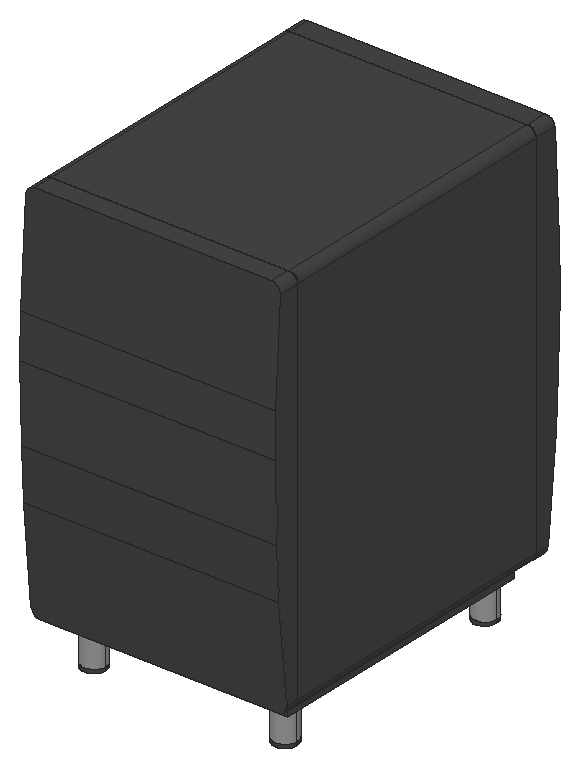
Revit family "Franke_Kühleinheit_SU12_CM-A1000_FM_CM", category Sonderausstattung, Revit 2015
Parameters (values of type "Kühleinheit SU12 CM-A1000 FM CM(230V/black line/EU)")
  URL = "http://www.franke.com/main/de/cs/produkte/produktsuche/produktsuche.html#akCache=true&p=1&t=grid&f=cat14_3210"
  Tiefe = 475 mm
  Temperaturbreich = "+ 3° C bis +8° C"
  Spannung = 230 V
  Sicherung = "10 A"
  Netzfrequenz alternativ = 60 Hz
  Netzfrequenz = 50 Hz
  Modell = "410874 - Kühleinheit SU12 CM - A1000 FM CM"
  Milchvorrat = "12 l"
  Stromaufnahme = "0.72 A"
  Kosten = 0
  Höhe = 586 mm
  Hersteller = "Franke"
  Energieverlust nach DIN18873 = "0.783 kWh/24 h - 230 V"
  Breite = 340 mm
  Beschreibung = "Beistellgerät Kühleinheit SU12 dient zum Aufbewahren von vorgekühlter Milch"
  Assembly Code = "Beistellgerät Kühleinheit SU12"
  Keynote = "Beistellgerät Kühleinheit SU12"
  Aufstellgewicht = "26 kg"
  Anzahl von Polen = 1
  Anzahl der Schutzleiter = "1"
  Anzahl der Nullleiter = "1"
  Abdeckung [instance] = Franke Black
Types (3, lengths in mm): name | Abdeckung
  (no name) | Franke Black
  Kühleinheit SU12 CM-A1000 FM CM(230V/black line/EU) | Franke Black
  Kühleinheit SU12 CM-A1000 FM CM(230V/anthrazit/EU) | Franke Anthrazit
Reference planes
  plane 1 "Mitte (Vorne/Hinten)": y = 0
  plane 2: z = 0
  plane 3 "Mitte (Links/Rechts)": x = 0
Forms (mm)
  Extrusion 1, solid, material "Franke Black"
    sketch origin (0, 0, 0) x (1, 0, 0) y (0, 0, 1)
      loop
        arc (-170, 78) -> (-166.485, 69.515) -> (-158, 66) r 12
        line (-158, 66) -> (158, 66)
        arc (158, 66) -> (166.485, 69.515) -> (170, 78) r 12
        line (170, 78) -> (170, 574)
        arc (170, 574) -> (166.485, 582.485) -> (158, 586) r 12
        line (158, 586) -> (-158, 586)
        arc (-158, 586) -> (-166.485, 582.485) -> (-170, 574) r 12
        line (-170, 574) -> (-170, 78)
    from -198.03 to 198.03
  Extrusion 2, solid, material "Franke Black"
    sketch origin (0, 0, 0) x (0, 1, 0) y (0, 0, 1)
      loop
        line (186.97, 66) -> (-188.03, 66) -> (-188.03, 46) -> (186.97, 46) -> (186.97, 66)
    from -149 to 149
  Extrusion 3, solid, material "Franke Black"
    sketch origin (0, 0, 0) x (1, 0, 0) y (0, 1, 0)
      loop
        line (-139, 119.911) -> (-139, 96.511) -> (-120.3, 96.511) -> (-120.3, 119.911) -> (-139, 119.911)
      loop
        line (120.3, 119.911) -> (120.3, 96.511) -> (139, 96.511) -> (139, 119.911) -> (120.3, 119.911)
      loop
        line (120.3, -95.689) -> (120.3, -119.089) -> (139, -119.089) -> (139, -95.689) -> (120.3, -95.689)
      loop
        line (-139, -95.689) -> (-139, -119.089) -> (-120.3, -119.089) -> (-120.3, -95.689) -> (-139, -95.689)
    from 42 to 46
  Extrusion 4, solid, material "Franke Stahl, verchromt"
    sketch origin (0, 0, 0) x (1, 0, 0) y (0, 1, 0)
      loop
        circle (-127.5, 166.47) r 16
      loop
        circle (-127.5, -166.13) r 16
      loop
        circle (127.5, 166.47) r 16
      loop
        circle (127.5, -166.13) r 16
    from 5 to 46
  Extrusion 5, solid, material "Franke Black"
    sketch origin (0, 0, -41) x (1, 0, 0) y (0, 1, 0)
      loop
        circle (-127.5, 166.47) r 16
      loop
        circle (-127.5, -166.13) r 16
      loop
        circle (127.5, 166.47) r 16
      loop
        circle (127.5, -166.13) r 16
    from 41 to 46
  Extrusion 6, solid, material "Franke Black" <- "Abdeckung"
    sketch origin (0, 0, 0) x (0, 1, 0) y (0, 0, 1)
      loop
        line (-199.53, 586) -> (-226.03, 586)
        arc (-226.03, 586) -> (-230.938, 512.688) -> (-234.804, 439.314) r 5166.525
        arc (-234.804, 439.314) -> (-235.718, 409.388) -> (-235.736, 379.448) r 1000
        arc (-235.736, 379.448) -> (-234.928, 328.403) -> (-233.97, 277.36) r 17389.365
        arc (-233.97, 277.36) -> (-232.66, 242.583) -> (-230.141, 207.872) r 1000
        arc (-230.141, 207.872) -> (-223.415, 136.903) -> (-216.03, 66) r 7668.804
        line (-216.03, 66) -> (-199.53, 66) -> (-199.53, 586)
    from -170 to 170
  Extrusion 7, solid, material "Franke Black"
    sketch origin (0, 0, 0) x (0, 1, 0) y (0, 0, 1)
      loop
        line (228.03, 586) -> (199.53, 586) -> (199.53, 66) -> (216.03, 66)
        arc (216.03, 66) -> (223.625, 137.651) -> (230.787, 209.347) r 11934.303
        arc (230.787, 209.347) -> (233.53, 243.904) -> (235.074, 278.535) r 1000
        arc (235.074, 278.535) -> (236.278, 326.896) -> (237.256, 375.262) r 10374.963
        arc (237.256, 375.262) -> (237.334, 405.934) -> (236.472, 436.595) r 1000
        arc (236.472, 436.595) -> (232.736, 511.325) -> (228.03, 586) r 5764.394
    from -170 to 170
  Extrusion 8, solid, material "Franke Black"
    sketch origin (0, 0, 0) x (1, 0, 0) y (0, 0, 1)
      loop
        line (-120, 576) -> (-120, 66) -> (120, 66) -> (120, 576) -> (-120, 576)
    from 198.03 to 199.53
  Extrusion 9, solid, material "Franke Black"
    sketch origin (0, 397.56, 0) x (1, 0, 0) y (0, 0, 1)
      loop
        line (-120, 576) -> (-120, 66) -> (120, 66) -> (120, 576) -> (-120, 576)
    from 198.03 to 199.53
  Extrusion 10, void
    sketch origin (0, 0, 0) x (1, 0, 0) y (0, 0, 1)
      loop
        line (-158, 586) -> (-158, 596) -> (-180, 596) -> (-180, 574) -> (-170, 574)
        arc (-170, 574) -> (-166.485, 582.485) -> (-158, 586) r 12
      loop
        arc (158, 586) -> (166.485, 582.485) -> (170, 574) r 12
        line (170, 574) -> (180, 574) -> (180, 596) -> (158, 596) -> (158, 586)
      loop
        arc (-158, 66) -> (-166.485, 69.515) -> (-170, 78) r 12
        line (-170, 78) -> (-180, 78) -> (-180, 56) -> (-158, 56) -> (-158, 66)
      loop
        line (158, 66) -> (158, 56) -> (180, 56) -> (180, 78) -> (170, 78)
        arc (170, 78) -> (166.485, 69.515) -> (158, 66) r 12
    from -296.752 to 350.669
  Extrusion 11, void
    sketch origin (0, 0, 0) x (1, 0, 0) y (0, 1, 0)
      loop
        circle (-2, 69.416) r 50
    from 0 to 56
  Extrusion 12, solid, material "Franke Stahl, verchromt"
    sketch origin (0, 0, 0) x (1, 0, 0) y (0, 1, 0)
      loop
        circle (0, 95.015) r 2.5
    from 46 to 56
Cuts and joins
  Extrusion 11 cuts Extrusion 2
  Extrusion 10 cuts Extrusion 6
  Extrusion 10 cuts Extrusion 7
Dimensions and locks
  aligned and locked: level to plane 2
Connectors
  electrical at (0, 95.015, 46), driven by "Spannung", driven by "Anzahl von Polen"
    settings: on Extrusion 12, index 1, voltage 230 V, apparent load 0 VA, apparent load phase1 0 VA, apparent load phase2 0 VA, apparent load phase3 0 VA, power factor 1, load classification "Strom", number of poles 1, system type 31, power factor state 1, is connector primary yes, connector utility no, sub classification motor no, connector description ""
